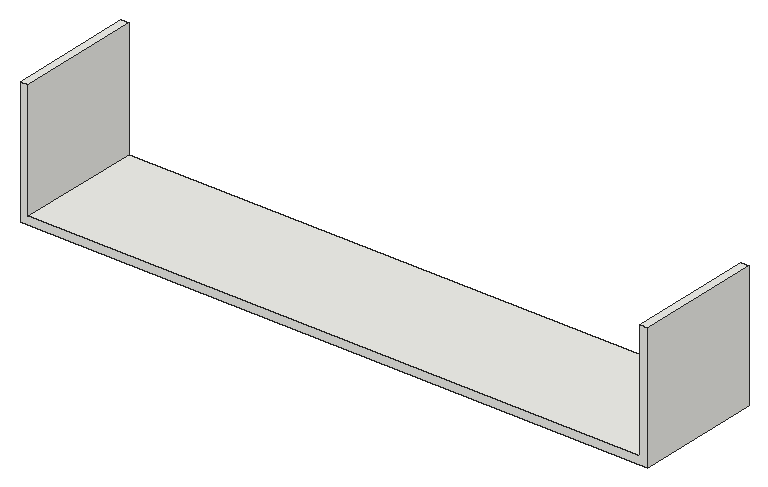
Revit family
Parameters (values of type "Overhead Shelving Module")
  Assembly Code = "E2020"
  Depth = 1' - 0"
  Height = 4' - 6"
  Length = 5' - 0"
  Shelving Material = Laminate - Ivory, Glossy
Reference planes (in)
  plane 1 "Center (Front/Back)": y = 3.29778
  plane 2: z = 0
  plane 3 "Center (Left/Right)": x = -6.21191
  plane 4: x = -36.21191
  plane 5: y = -2.70222
  plane 6: x = 23.78809
  plane 7: y = 9.29778
  plane 8 "Shelf": z = 54
  plane 9: z = 66
Forms (in)
  Extrusion 1, solid, material "Laminate - Ivory, Glossy" <- "Shelving Material"
    sketch origin (0, -2.70222, 0) x (1, 0, 0) y (0, 0, 1)
      loop
        line (-35.46191, 66) -> (-36.21191, 66) -> (-36.21191, 54) -> (-35.46191, 54) -> (23.03809, 54) -> (23.78809, 54) -> (23.78809, 66) -> (23.03809, 66) -> (23.03809, 54.75) -> (-35.46191, 54.75) -> (-35.46191, 66)
    from 0 to -12
Lines and regions (in)
  Masking region 1
    outline origin (0, 0, 54) x (-1, 0, 0) y (0, -1, 0)
      loop
        line (36.21191, -9.29778) -> (36.21191, 2.70222) -> (-23.78809, 2.70222) -> (-23.78809, -9.29778) -> (36.21191, -9.29778)
  symbolic lines
    curve 1: line (-35.46191, -2.70222, 54) -> (-35.46191, 9.29778, 54)
    curve 2: line (23.03809, 9.29778, 54) -> (23.03809, -2.70222, 54)
Dimensions and locks (in)
  equal spacing: plane 4, plane 3 "Center (Left/Right)", plane 6
  equal spacing: plane 5, plane 1 "Center (Front/Back)", plane 7
  "Length": plane 4 to plane 6
  "Depth": plane 5 to plane 7
  locked: plane 9 to plane 8 "Shelf" at 12
  "Height": plane 8 "Shelf" to plane 2
  aligned and locked: Extrusion 1 to plane 7
  aligned and locked: Masking region 1 sketch curve to plane 5
  aligned and locked: plane 7 to Masking region 1 sketch curve
  aligned and locked: Masking region 1 sketch curve to plane 6
  aligned and locked: plane 4 to Masking region 1 sketch curve
  aligned and locked: curve 1 to Extrusion 1
  aligned and locked: curve 2 to Extrusion 1
Automatic sketch dimensions
  Extrusion 1 sketch curve to plane 4 = 0' - 0"
  Extrusion 1 sketch curve to plane 8 "Shelf" = 0' - 0"
  Extrusion 1 sketch curve to plane 9 = 0' - 0"  (x2)
  Extrusion 1 sketch curve to plane 6 = 0' - 0"
  Extrusion 1 sketch curve to plane 4 = 0' - 0 3/4"
  Extrusion 1 sketch curve to Extrusion 1 sketch curve = 0' - 0 3/4"  (x2)
  Extrusion 1 sketch curve to plane 6 = 0' - 0 3/4"
  Extrusion 1 sketch curve to Extrusion 1 sketch curve = 0' - 0"
  curve 1 to plane 7 = 0' - 0"
  curve 1 to plane 5 = 0' - 0"
  curve 2 to plane 7 = 0' - 0"
  curve 2 to plane 5 = 0' - 0"
